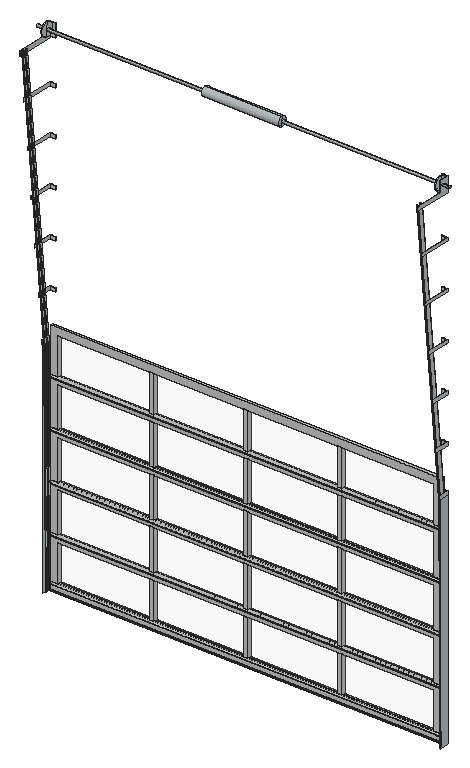
Revit family "Door_SectionalOverhead_RW_Alumatite-VerticalLift", category Doors, host Wall, Revit 2026
Family settings
  Host = Wall
  Classification Number = 23.30.10.17.37.14
  Always vertical = Yes
  Cut with Voids When Loaded = No
  Shared = No
  Room Calculation Point = No
Parameters (values of type "ByType")
  Wind Load = ""
  Water Penetration = ""
  Standard Top [instance] = not(Solid Top Panel)  # yes
  Standard Bottom [instance] = not(Solid Bottom Panel)  # yes
  Spring Width = Width + 1' 0"  # 16' - 0"
  Spring Length = 3' - 0"
  Spring Ht [instance] = (Height * 2) + 1' 3"  # 19' - 7"
  Sound Transmission Class (STC) = 0
  Solid Top Panel [instance] = no
  Solid Bottom Panel [instance] = no
  Shaft Diameter = 0' - 1"
  Revision = "R1_12-2011"
  RO Offset = 0' - 0"
  Panels = if(Height < 8' 2", 4, if(Height < 10' 2", 5, if(Height < 12' 2", 6, if(Height < 14' 2", 7, 8))))  # 5
  Panel Material - Interior = Metal - Steel - Richards Wilcox - Painted - Silver - Ribbed
  Panel Material - Exterior = Metal - Steel - Richards Wilcox - Painted - Silver - Multi-Rib
  Panel Height = Height / Panels  # 1' - 10"
  Hardware Finish = Metal - Steel - Richards Wilcox - Galvanized
  Glass Thickness [instance] = 0' - 0 1/2"
  Function = Interior
  Frame Thickness = 0' - 4 3/4"
  Double End Roller Brackets [instance] = no
  Door Glazing = Glazing - Richards Wilcox - Clear
  Define Thermal Properties by = Schematic Type
  CE Compliant = no
  Building Code Conformance = ""
  ArrayPanels [instance] = Panels - 2  # 3
  Analytic Construction = "<None>"
  Aluminum Material = Metal - Aluminum - Richards Wilcox - Anodized - Clear
  Air Infiltration = ""
  ASTM Conformance = ""
  Panel Width = Width + 0' 2"  # 15' - 2"
  Manufacturer Phone = "905-625-0037 "
  Warranty Duration (Years) = 0
  URL = "http://www.rwdoors.com/"
  Thickness = 0' - 1 1/2"
  Test Data = ""
  Specification = "http://www.arcat.com/sd/clients/richwilc.html?coid=43101"
  SpecWizard = "http://www.arcat.com/specwizard/clients/richwilc.html?coid=43101"
  Send Message = "http://www.arcat.com/users.pl?action=UserEmail&company=Richards-Wilcox%20Canada&coid=43101&rep=119&fax=905-625-0057&mf="
  Sales Information = "http://www.rwdoors.com/residential/en/contact.php"
  Rough Width = (Width + (RO Offset * 2))  # 15' - 0"
  Rough Height = (Height + (RO Offset))  # 9' - 2"
  R_Value = 0
  Product Properties = ""
  Product Data = "http://www.arcat.com/arcatcos/cos43/arc43101.html"
  Manufacturer Website = "http://www.rwdoors.com/"
  Manufacturer Phone - Toll Free = ""
  Manufacturer Fax = "905-625-0057"
  Manufacturer Address = "5100 Timberlea Blvd. Mississauga, ON Canada L4W 2S5\r\n"
  Maintenance Schedule (Months) = 0
  Installation-Fabrication = "http://www.rwdoors.com/"
  Installation Phase = ""
  Green Building-LEED = "http://www.arcat.com/green/clients/leed_data_43101.html"
  Model = "As Specified"
  Manufacturer = "Richards-Wilcox Canada"
  Keynote = "08360"
  Height = 9' - 2"
  Wall Closure = By host
  Width = 15' - 0"
  Fire Rating = ""
  Expected Lifespan (Years) = 0
  Drawn By = "Sumex Design, Inc. / Robert S. Weygant, CSI, CDT, SCIP"
  Description = "Richards-Wilcox Overhead Door as Specified"
  Copyright = "©Arcat Inc."
  Construction Details = "http://www.arcat.com/details/richwilc/richwilc.html?coid=43101"
  Building Codes = ""
  Assembly Code = "B2030410"
  ADA Compliant = yes
  AAMA Designation = ""
  3in Track [instance] = no
Reference planes (in)
  plane 1 "Center (Front/Back)": y = -33.96225
  plane 2 "Center (Left/Right)": x = 64.28704
  plane 3: z = 0
  plane 4 "Right": x = 154.28704
  plane 5 "Left": x = -25.71296
  plane 6: z = 0
  plane 7 "Top of Frame": z = 110
  plane 8 "RO Top": z = 110
  plane 9 "RO Right": x = 154.28704
  plane 10 "RO Left": x = -25.71296
  plane 11 "Exterior Wall Face": y = -30.96225
  plane 12 "Interior Wall Face": y = -36.96225
  plane 13: y = -37.08725
  plane 14: z = 23
  plane 15: z = 45
  plane 16: z = 1
  plane 17: y = -39.96225
Forms (in)
  Extrusion 1, solid, material "Rubber - Richards Wilcox - Black"
    sketch origin (-25.71296, 0, 0) x (0, 0, 1) y (0, 1, 0)
      loop
        arc (0.625, -37.21225) -> (0, -37.83725) -> (0.625, -38.46225) r 0.625
        line (0.625, -38.46225) -> (1, -38.46225) -> (1, -37.21225) -> (0.625, -37.21225)
    from 1 to -181
Lines and regions (in)
  Opening 1
    outline origin (-109.33485, -36.96225, 0) x (1, 0, 0) y (0, 0, 1)
      loop
        line (83.62189, 0) -> (263.62189, 0) -> (263.62189, 110) -> (83.62189, 110) -> (83.62189, 0)
Text (in)
  text "Exterior" at (50.54558, 62.1328, 0), in view "A101 - Plan View"
  text "Interior" at (50.54558, -116.72319, 0), in view "A101 - Plan View"
  text "Exterior" at (0, -17.98638, 123.01588), in view "Right"
  text "Interior" at (0, -64.39139, 123.01588), in view "Right"
  text "Interior" at (0, -52.09468, 121.14095), in view "Left"
  text "Exterior" at (0, 26.35325, 123.00693), in view "Left"
Dimensions and locks (in)
  equal spacing: plane 4 "Right", plane 2 "Center (Left/Right)", plane 5 "Left"
  "Width": plane 5 "Left" to plane 4 "Right"
  "Height": level to plane 7 "Top of Frame"
  "RO Offset": plane 5 "Left" to plane 10 "RO Left"
  "RO Offset": plane 9 "RO Right" to plane 4 "Right"
  "RO Offset": plane 8 "RO Top" to plane 7 "Top of Frame"
  locked: plane 13 to plane 12 "Interior Wall Face" at 0.125
  "Panel Height": plane 16 to plane 14
  "Panel Height": plane 14 to plane 15
  locked: level to plane 16 at 1
  locked: plane 4 "Right" to Extrusion 1 at 1
  locked: plane 12 "Interior Wall Face" to plane 17 at 3
  "Spring Ht": level to nested 5
  equal spacing: group 3, group 2, group 1
  equal spacing: group 1, group 2, group 3  (x2)
  "Height": plane 16 to nested 2
  "Height": plane 16 to nested 10
  aligned and locked: host wall to plane 1 "Center (Front/Back)"
  aligned and locked: Opening 1 sketch curve to level
  aligned and locked: plane 9 "RO Right" to Opening 1 sketch curve
  aligned and locked: plane 10 "RO Left" to Opening 1 sketch curve
  aligned and locked: Opening 1 sketch curve to plane 8 "RO Top"
  aligned and locked: host wall to plane 11 "Exterior Wall Face"
  aligned and locked: host wall to plane 12 "Interior Wall Face"
  aligned and locked: plane 2 "Center (Left/Right)" to nested 1
  aligned and locked: nested 1 to plane 13
  aligned and locked: plane 16 to nested 1
  aligned and locked: plane 2 "Center (Left/Right)" to nested 2
  aligned and locked: plane 13 to nested 2
  aligned and locked: nested 4 to plane 4 "Right"
  aligned and locked: nested 3 to plane 5 "Left"
  aligned and locked: nested 3 to plane 12 "Interior Wall Face"
  aligned and locked: nested 4 to plane 12 "Interior Wall Face"
  aligned and locked: plane 2 "Center (Left/Right)" to nested 5
  aligned and locked: plane 2 "Center (Left/Right)" to nested 6
  aligned and locked: plane 2 "Center (Left/Right)" to nested 7
  aligned and locked: plane 14 to nested 6
  aligned and locked: plane 15 to nested 7
  aligned and locked: plane 16 to nested 9
  aligned and locked: plane 2 "Center (Left/Right)" to nested 9
  aligned and locked: nested 9 to plane 13
  aligned and locked: plane 2 "Center (Left/Right)" to nested 10
  aligned and locked: plane 13 to nested 10
  aligned and locked: plane 13 to nested 6
  aligned and locked: plane 13 to nested 7
Automatic sketch dimensions
  Extrusion 1 sketch curve to plane 16 = 0' - 0"
  Extrusion 1 sketch curve to Extrusion 1 sketch curve = 0' - 0 3/8"
  Extrusion 1 sketch curve to plane 13 = 0' - 0 1/8"
  Extrusion 1 sketch curve to Extrusion 1 sketch curve = 0' - 0 5/8"
Nested families (in)
  nested 1: "Panel_FullView" at (64.28704, -37.83725, 1), Glass Type <- "Door Glazing", Unit Width <- "Panel Width", Unit Height <- "Panel Height", Unit Depth <- "Thickness", Glass Thickness <- "Glass Thickness", Double End Roller Brackets <- "Double End Roller Brackets", visible <- "Standard Bottom", type "Panel_FullView"
    with offset 0' - 0", Unit Width 15' - 2", Unit Height 1' - 10", Unit Depth 0' - 1 1/2", Top Panel no, Stile Width_Sides 0' - 3 3/8", Spc 3' - 7 13/16", SingleMullion no, Rail Width_Top 0' - 1 5/8", Rail Width_Bottom 0' - 3 3/8", MultiMullion yes, Muls Actual 3, Mullion Height 1' - 5", Glass Type Glazing - Richards Wilcox - Clear, Glass Thickness 0' - 0 1/2", Double End Roller Brackets no, Bottom Panel yes, # Mullions 3
  nested 2: "Panel_FullView" at (64.28704, -37.83725, 89), Glass Type <- "Door Glazing", Unit Width <- "Panel Width", Unit Height <- "Panel Height", Unit Depth <- "Thickness", Glass Thickness <- "Glass Thickness", Double End Roller Brackets <- "Double End Roller Brackets", visible <- "Standard Top", type "Panel_FullView"
    with offset 0' - 0", Unit Width 15' - 2", Unit Height 1' - 10", Unit Depth 0' - 1 1/2", Top Panel yes, Stile Width_Sides 0' - 3 3/8", Spc 3' - 7 13/16", SingleMullion no, Rail Width_Top 0' - 3 3/8", Rail Width_Bottom 0' - 1 5/8", MultiMullion yes, Muls Actual 3, Mullion Height 1' - 5", Glass Type Glazing - Richards Wilcox - Clear, Glass Thickness 0' - 0 1/2", Double End Roller Brackets no, Bottom Panel no, # Mullions 3
  nested 3: "Track_Vertical" at (-25.71296, -36.96225, 0), 3in Track <- "3in Track", Material <- "Hardware Finish", Unit Height <- "Height", type "Track_Vertical"
    with offset 0' - 0", Vert Height 10' - 2", VOffset 1' - 0.82272", Unit Height 9' - 2", Track Depth 0' - 2", Material Metal - Steel - Richards Wilcox - Galvanized, A 0' - 1 1/2", 3in Track no
  nested 4: "Track_Vertical" at (154.28704, -36.96225, 0) x (-1, 0, 0) z (0, 0, 1), 3in Track <- "3in Track", Material <- "Hardware Finish", Unit Height <- "Height", type "Track_Vertical"
    with offset 0' - 0", Vert Height 10' - 2", VOffset 1' - 0.82272", Unit Height 9' - 2", Track Depth 0' - 2", Material Metal - Steel - Richards Wilcox - Galvanized, A 0' - 1 1/2", 3in Track no
  nested 5: "Spring" at (64.28704, -39.96225, 235) x (1, 0, 0) z (0, -1, 0), Material <- "Hardware Finish", Unit Width <- "Spring Width", Spring Length <- "Spring Length", type "Spring"
    with offset 0' - 0", Unit Width 16' - 0", Spring Length 3' - 0", Material Metal - Steel - Richards Wilcox - Galvanized
  nested 6: "Panel_FullView" at (64.28704, -37.83725, 23), Glass Type <- "Door Glazing", Unit Width <- "Panel Width", Unit Height <- "Panel Height", Unit Depth <- "Thickness", Glass Thickness <- "Glass Thickness", Double End Roller Brackets <- "Double End Roller Brackets", type "Panel_FullView"
    with offset 0' - 0", Unit Width 15' - 2", Unit Height 1' - 10", Unit Depth 0' - 1 1/2", Top Panel no, Stile Width_Sides 0' - 3 3/8", Spc 3' - 7 13/16", SingleMullion no, Rail Width_Top 0' - 1 5/8", Rail Width_Bottom 0' - 1 5/8", MultiMullion yes, Muls Actual 3, Mullion Height 1' - 6 3/4", Glass Type Glazing - Richards Wilcox - Clear, Glass Thickness 0' - 0 1/2", Double End Roller Brackets no, Bottom Panel no, # Mullions 3
  nested 7: "Panel_FullView" at (64.28704, -37.83725, 45), Glass Type <- "Door Glazing", Unit Width <- "Panel Width", Unit Height <- "Panel Height", Unit Depth <- "Thickness", Glass Thickness <- "Glass Thickness", Double End Roller Brackets <- "Double End Roller Brackets", type "Panel_FullView"
    with offset 0' - 0", Unit Width 15' - 2", Unit Height 1' - 10", Unit Depth 0' - 1 1/2", Top Panel no, Stile Width_Sides 0' - 3 3/8", Spc 3' - 7 13/16", SingleMullion no, Rail Width_Top 0' - 1 5/8", Rail Width_Bottom 0' - 1 5/8", MultiMullion yes, Muls Actual 3, Mullion Height 1' - 6 3/4", Glass Type Glazing - Richards Wilcox - Clear, Glass Thickness 0' - 0 1/2", Double End Roller Brackets no, Bottom Panel no, # Mullions 3
  nested 8: "Panel_FullView" at (64.28704, -37.83725, 67), Glass Type <- "Door Glazing", Unit Width <- "Panel Width", Unit Height <- "Panel Height", Unit Depth <- "Thickness", Glass Thickness <- "Glass Thickness", Double End Roller Brackets <- "Double End Roller Brackets", type "Panel_FullView"
    with offset 0' - 0", Unit Width 15' - 2", Unit Height 1' - 10", Unit Depth 0' - 1 1/2", Top Panel no, Stile Width_Sides 0' - 3 3/8", Spc 3' - 7 13/16", SingleMullion no, Rail Width_Top 0' - 1 5/8", Rail Width_Bottom 0' - 1 5/8", MultiMullion yes, Muls Actual 3, Mullion Height 1' - 6 3/4", Glass Type Glazing - Richards Wilcox - Clear, Glass Thickness 0' - 0 1/2", Double End Roller Brackets no, Bottom Panel no, # Mullions 3
  nested 9: "Panel_Standard" at (64.28704, -37.83725, 1), Glass Type <- "Door Glazing", Unit Width <- "Panel Width", Unit Height <- "Panel Height", Unit Depth <- "Thickness", Glass Thickness <- "Glass Thickness", visible <- "Solid Bottom Panel", type "No Windows"
    with Void Space 3' - 9 1/2", Void CL 1' - 10 3/4", Unit Width 15' - 2", Unit Height 1' - 10", Unit Depth 0' - 1 1/2", Glass Type Glazing - Richards Wilcox - Clear, Glass Thickness 0' - 0 1/2", # Windows 4, Window Width 1' - 0", Window Height 0' - 8", Windows no, VoidDepth 0' - 0 1/2"
  nested 10: "Panel_Standard" at (64.28704, -37.83725, 89), Glass Type <- "Door Glazing", Unit Width <- "Panel Width", Unit Height <- "Panel Height", Unit Depth <- "Thickness", Glass Thickness <- "Glass Thickness", visible <- "Solid Top Panel", type "No Windows"
    with Void Space 3' - 9 1/2", Void CL 1' - 10 3/4", Unit Width 15' - 2", Unit Height 1' - 10", Unit Depth 0' - 1 1/2", Glass Type Glazing - Richards Wilcox - Clear, Glass Thickness 0' - 0 1/2", # Windows 4, Window Width 1' - 0", Window Height 0' - 8", Windows no, VoidDepth 0' - 0 1/2"
Definition of nested family "Panel_FullView"
  Parameters
    offset [instance] = 0' - 0"
    Top Panel [instance] = no
    Spc [instance] = (Unit Width - (Stile Width_Sides * 2)) / (# Mullions + 1)  # 4' - 1 5/16"
    SingleMullion [instance] = # Mullions = 1  # no
    Rail Width_Top [instance] = if(Top Panel, 0' 3 3/8", 0' 1 5/8")  # 0' - 1 5/8"
    Stile Width_Sides [instance] = if(Double End Roller Brackets, 0' 6 3/8", 0' 3 3/8")  # 0' - 3 3/8"
    Rail Width_Bottom [instance] = if(Bottom Panel, 0' 3 3/8", 0' 1 5/8")  # 0' - 1 5/8"
    MultiMullion [instance] = # Mullions > 1  # yes
    Muls Actual [instance] = if(# Mullions > 1, # Mullions, 2)  # 3
    Mullion Width = 0' - 2"
    Mullion Height [instance] = Unit Height - Rail Width_Top - Rail Width_Bottom  # 1' - 8 3/4"
    Glass Thickness [instance] = 0' - 0 1/2"
    Double End Roller Brackets [instance] = no
    Bottom Panel [instance] = no
    # Mullions [instance] = if(Unit Width < 9' 3", 1, if(Unit Width < 12' 3", 2, 3))  # 3
    Warranty Duration (Years) = 0
    Unit Width [instance] = 17' - 0"
    Unit Height [instance] = 2' - 0"
    Unit Depth [instance] = 0' - 1 1/2"
    URL = "http://www.rwdoors.com/"
    Specification = "http://www.arcat.com/sd/clients/richwilc.html?coid=43101"
    SpecWizard = "http://www.arcat.com/specwizard/clients/richwilc.html?coid=43101"
    Send Message = "http://www.arcat.com/users.pl?action=UserEmail&company=Richards-Wilcox%20Canada&coid=43101&rep=119&fax=905-625-0057&mf="
    Sales Information = "http://www.rwdoors.com/residential/en/contact.php"
    Revision = "R1_12-2011"
    Product Properties = ""
    Product Data = "http://www.arcat.com/arcatcos/cos43/arc43101.html"
    Model = "As Specified"
    Manufacturer Website = "http://www.rwdoors.com/"
    Manufacturer Phone - Toll Free = ""
    Manufacturer Phone = "905-625-0037 "
    Manufacturer Fax = "905-625-0057"
    Manufacturer Address = "5100 Timberlea Blvd. Mississauga, ON Canada L4W 2S5"
    Manufacturer = "Richards-Wilcox Canada"
    Maintenance Schedule (Months) = 0
    Keynote = "08360"
    Installation-Fabrication = "http://www.rwdoors.com/"
    Installation Phase = ""
    Green Building-LEED = "http://www.arcat.com/green/clients/leed_data_43101.html"
    Glass Type [instance] = none
    Frame Material = none
    Expected Lifespan (Years) = 0
    Drawn By = "Sumex Design, Inc. / Robert S. Weygant, CSI, CDT, SCIP"
    Description = "Richards-Wilcox Overhead Door as Specified"
    Copyright = "©Arcat Inc."
    Construction Details = "http://www.arcat.com/details/richwilc/richwilc.html?coid=43101"
    Assembly Code = "B2030410"
  Reference planes (in)
    plane 1 "Center (Front/Back)": y = 0
    plane 2 "Bottom": z = 0
    plane 3 "Center (Left/Right)": x = 0
    plane 4 "Front": y = -0.75
    plane 5 "Back": y = 0.75
    plane 6 "Left": x = -102
    plane 7 "Right": x = 102
    plane 8 "Top": z = 24
    plane 9: z = 12
    plane 10: z = 22.375
    plane 11: z = 1.625
    plane 12: x = -98.625
    plane 13: x = 98.625
    plane 14: y = -0.25
    plane 15: y = 0.25
  Forms (in)
    Extrusion 1, solid, material <- "Frame Material"
      sketch origin (-11.94222, 0.75, 48) x (-1, 0, 0) y (0, 0, 1)
        loop
          line (90.05778, -24) -> (-113.94222, -24) -> (-113.94222, -48) -> (90.05778, -48) -> (90.05778, -24)
        loop
          line (-110.56722, -46.375) -> (86.68278, -46.375) -> (86.68278, -25.625) -> (-110.56722, -25.625) -> (-110.56722, -46.375)
      from 0 to -1.5
    Extrusion 2, solid, material <- "Glass Type"
      sketch origin (0, 0.25, 21.375) x (0, 0, -1) y (-1, 0, 0)
        loop
          line (-1, 98.625) -> (-1, -98.625) -> (19.75, -98.625) -> (19.75, 98.625) -> (-1, 98.625)
      from -0.5 to 0
    Extrusion 3, solid, material <- "Frame Material"
      sketch origin (-102, 16.34522, 48) x (0, 1, 0) y (0, 0, 1)
        loop
          line (-17.09522, -46.375) -> (-18.84522, -46.375) -> (-18.84522, -46.48) -> (-17.09522, -46.48) -> (-17.09522, -46.375)
      from 0 to 204
  Cuts and joins
    joined: Extrusion 1, Extrusion 3
  Dimensions and locks (in)
    equal spacing: plane 6 "Left", plane 3 "Center (Left/Right)", plane 7 "Right"
    "Unit Width": plane 6 "Left" to plane 7 "Right"
    equal spacing: plane 5 "Back", plane 1 "Center (Front/Back)", plane 4 "Front"
    "Unit Depth": plane 5 "Back" to plane 4 "Front"
    "Unit Height": plane 8 "Top" to level
    equal spacing: plane 8 "Top", plane 9, level
    "Stile Width_Sides": plane 7 "Right" to plane 13
    "Stile Width_Sides": plane 12 to plane 6 "Left"
    "Rail Width_Top": plane 8 "Top" to plane 10
    "Rail Width_Bottom": plane 11 to level
    equal spacing: group 1, group 3, group 2  (x3)
    "Spc": plane 12 to nested 1
    "Spc": nested 2 to plane 13
    equal spacing: plane 15, plane 1 "Center (Front/Back)", plane 14
    "Glass Thickness": plane 15 to plane 14
    aligned and locked: Extrusion 1 to plane 4 "Front"
    aligned and locked: plane 7 "Right" to Extrusion 3
    aligned and locked: plane 1 "Center (Front/Back)" to nested 1
    aligned and locked: plane 1 "Center (Front/Back)" to nested 2
    aligned and locked: plane 11 to nested 2
    aligned and locked: plane 11 to nested 1
    aligned and locked: Extrusion 2 to plane 14
    aligned and locked: plane 11 to nested 4
    aligned and locked: plane 3 "Center (Left/Right)" to nested 4
    aligned and locked: plane 1 "Center (Front/Back)" to nested 4
  Automatic sketch dimensions
    Extrusion 1 sketch curve to plane 7 "Right" = 0' - 0"
    Extrusion 1 sketch curve to plane 10 = 0' - 0"
    Extrusion 1 sketch curve to plane 13 = 0' - 0"
    Extrusion 1 sketch curve to plane 11 = 0' - 0"
    Extrusion 1 sketch curve to plane 12 = 0' - 0"
    Extrusion 1 sketch curve to plane 6 "Left" = 0' - 0"
    Extrusion 1 sketch curve to level = 0' - 0"
    Extrusion 1 sketch curve to plane 8 "Top" = 0' - 0"
    Extrusion 3 sketch curve to plane 11 = 0' - 0"
    Extrusion 3 sketch curve to plane 4 "Front" = 0' - 0"
    Extrusion 3 sketch curve to plane 11 = 0' - 0.105"
    Extrusion 3 sketch curve to plane 4 "Front" = 0' - 1 3/4"
    Extrusion 2 sketch curve to plane 10 = 0' - 0"
    Extrusion 2 sketch curve to plane 11 = 0' - 0"
    Extrusion 2 sketch curve to plane 13 = 0' - 0"
    Extrusion 2 sketch curve to plane 12 = 0' - 0"
  Nested families (in)
    nested 1: "Mullion" at (-49.3125, 0, 1.625), Material <- "Frame Material", Unit Width <- "Mullion Width", Unit Height <- "Mullion Height", Unit Depth <- "Unit Depth", visible <- "MultiMullion", type "Mullion"
      with offset 0' - 0", Unit Width 0' - 2", Unit Height 1' - 8 3/4", Unit Depth 0' - 1 1/2", Material none
    nested 2: "Mullion" at (49.3125, 0, 1.625), Material <- "Frame Material", Unit Width <- "Mullion Width", Unit Height <- "Mullion Height", Unit Depth <- "Unit Depth", visible <- "MultiMullion", type "Mullion"
      with offset 0' - 0", Unit Width 0' - 2", Unit Height 1' - 8 3/4", Unit Depth 0' - 1 1/2", Material none
    nested 3: "Mullion" at (0, 0, 1.625), Material <- "Frame Material", Unit Width <- "Mullion Width", Unit Height <- "Mullion Height", Unit Depth <- "Unit Depth", visible <- "MultiMullion", type "Mullion"
      with offset 0' - 0", Unit Width 0' - 2", Unit Height 1' - 8 3/4", Unit Depth 0' - 1 1/2", Material none
    nested 4: "Mullion" at (0, 0, 1.625), Material <- "Frame Material", Unit Width <- "Mullion Width", Unit Height <- "Mullion Height", Unit Depth <- "Unit Depth", visible <- "SingleMullion", type "Mullion"
      with offset 0' - 0", Unit Width 0' - 2", Unit Height 1' - 8 3/4", Unit Depth 0' - 1 1/2", Material none
  Definition of nested family "Mullion"
    Parameters
      offset [instance] = 0' - 0"
      Warranty Duration (Years) = 0
      Unit Width [instance] = 0' - 2"
      Unit Height [instance] = 2' - 0"
      Unit Depth [instance] = 0' - 1 1/2"
      URL = "http://www.rwdoors.com/"
      Specification = "http://www.arcat.com/sd/clients/richwilc.html?coid=43101"
      SpecWizard = "http://www.arcat.com/specwizard/clients/richwilc.html?coid=43101"
      Send Message = "http://www.arcat.com/users.pl?action=UserEmail&company=Richards-Wilcox%20Canada&coid=43101&rep=119&fax=905-625-0057&mf="
      Sales Information = "http://www.rwdoors.com/residential/en/contact.php"
      Revision = "R1_12-2011"
      Product Properties = ""
      Product Data = "http://www.arcat.com/arcatcos/cos43/arc43101.html"
      Model = "As Specified"
      Material [instance] = none
      Manufacturer Website = "http://www.rwdoors.com/"
      Manufacturer Phone - Toll Free = ""
      Manufacturer Phone = "905-625-0037 "
      Manufacturer Fax = "905-625-0057"
      Manufacturer Address = "5100 Timberlea Blvd. Mississauga, ON Canada L4W 2S5"
      Manufacturer = "Richards-Wilcox Canada"
      Maintenance Schedule (Months) = 0
      Keynote = "08360"
      Installation-Fabrication = "http://www.rwdoors.com/"
      Installation Phase = ""
      Green Building-LEED = "http://www.arcat.com/green/clients/leed_data_43101.html"
      Expected Lifespan (Years) = 0
      Drawn By = "Sumex Design, Inc. / Robert S. Weygant, CSI, CDT, SCIP"
      Description = "Richards-Wilcox Overhead Door as Specified"
      Default Elevation = 4' - 0"
      Copyright = "©Arcat Inc."
      Construction Details = "http://www.arcat.com/details/richwilc/richwilc.html?coid=43101"
      Assembly Code = "B2030410"
    Reference planes (in)
      plane 1 "Center (Front/Back)": y = 0
      plane 2 "Bottom": z = 0
      plane 3 "Center (Left/Right)": x = 0
      plane 4 "Front": y = -0.75
      plane 5 "Back": y = 0.75
      plane 6 "Left": x = -1
      plane 7 "Right": x = 1
      plane 8 "Top": z = 24
    Forms (in)
      Extrusion 1, solid, material <- "Material"
        sketch origin (0, 0, 0) x (1, 0, 0) y (0, 1, 0)
          loop
            line (-1, 0.75) -> (-1, -0.75) -> (1, -0.75) -> (1, 0.75) -> (-1, 0.75)
        from 0 to 24
    Dimensions and locks (in)
      equal spacing: plane 6 "Left", plane 3 "Center (Left/Right)", plane 7 "Right"
      "Unit Width": plane 6 "Left" to plane 7 "Right"
      equal spacing: plane 5 "Back", plane 1 "Center (Front/Back)", plane 4 "Front"
      "Unit Depth": plane 5 "Back" to plane 4 "Front"
      "Unit Height": plane 8 "Top" to level
      aligned and locked: plane 8 "Top" to Extrusion 1
    Automatic sketch dimensions
      Extrusion 1 sketch curve to plane 4 "Front" = 0' - 0"
      Extrusion 1 sketch curve to plane 6 "Left" = 0' - 0"
      Extrusion 1 sketch curve to plane 7 "Right" = 0' - 0"
      Extrusion 1 sketch curve to plane 5 "Back" = 0' - 0"
Definition of nested family "Track_Vertical"
  Parameters
    offset [instance] = 0' - 0"
    Warranty Duration (Years) = 0
    VOffset [instance] = Vert Height / tan(84.00°)  # 0' - 11.35126"
    Unit Height [instance] = 8' - 0"
    Unit Depth = 2' - 8"
    URL = "http://www.rwdoors.com/"
    Track Depth [instance] = if([3in Track], 0' 3", 0' 2")  # 0' - 2"
    Specification = "http://www.arcat.com/sd/clients/richwilc.html?coid=43101"
    SpecWizard = "http://www.arcat.com/specwizard/clients/richwilc.html?coid=43101"
    Send Message = "http://www.arcat.com/users.pl?action=UserEmail&company=Richards-Wilcox%20Canada&coid=43101&rep=119&fax=905-625-0057&mf="
    Sales Information = "http://www.rwdoors.com/residential/en/contact.php"
    Revision = "R1_12-2011"
    Product Properties = ""
    Product Data = "http://www.arcat.com/arcatcos/cos43/arc43101.html"
    Model = "As Specified"
    Material [instance] = none
    Manufacturer Website = "http://www.rwdoors.com/"
    Manufacturer Phone - Toll Free = ""
    Manufacturer Phone = "905-625-0037 "
    Manufacturer Fax = "905-625-0057"
    Manufacturer Address = "5100 Timberlea Blvd. Mississauga, ON Canada L4W 2S5"
    Manufacturer = "Richards-Wilcox Canada"
    Maintenance Schedule (Months) = 0
    Keynote = "08360"
    Installation-Fabrication = "http://www.rwdoors.com/"
    Installation Phase = ""
    Vert Height [instance] = Unit Height + 1' 0"  # 9' - 0"
    Green Building-LEED = "http://www.arcat.com/green/clients/leed_data_43101.html"
    Expected Lifespan (Years) = 0
    Drawn By = "Sumex Design, Inc. / Robert S. Weygant, CSI, CDT, SCIP"
    Description = "Richards-Wilcox Overhead Door as Specified"
    Copyright = "©Arcat Inc."
    Construction Details = "http://www.arcat.com/details/richwilc/richwilc.html?coid=43101"
    Assembly Code = "B2030410"
    A [instance] = if([3in Track], 0' 2", 0' 1 1/2")  # 0' - 1 1/2"
    3in Track [instance] = no
  Reference planes (in)
    plane 1 "Center (Front/Back)": y = 0
    plane 2 "Bottom": z = 0
    plane 3 "Center (Left/Right)": x = 0
    plane 4 "Front": y = -1.25
    plane 5 "Left": x = -2.5
    plane 6 "Top": z = 96
    plane 7: x = -1
    plane 8: y = -4.125
    plane 9: z = 90
    plane 10: z = 204
    plane 11: y = -2.125
    plane 12: y = -13.47626
    plane 13: z = 109
    plane 14: z = 147
    plane 15: z = 166
    plane 16: z = 185
    plane 17: z = 128
    plane 18: y = -11.58438
    plane 19: y = -7.80063
    plane 20: y = -9.6925
    plane 21: y = -5.90875
    plane 22: y = -4.01688
  Forms (in)
    Extrusion 1, solid, material <- "Material"
      sketch origin (0, 0, 0) x (1, 0, 0) y (0, 1, 0)
        loop
          line (0, 0) -> (-2.625, 0) -> (-2.625, -4.125) -> (-2.5, -4.125) -> (-2.5, -0.125) -> (0, -0.125) -> (0, 0)
      from 0 to 90
    Sweep 2, solid, material <- "Material"
      path origin (-2.5, 16.34522, 48) x (0, 1, 0) y (0, 0, 1)
        loop
          line (-17.59522, -48) -> (-18.47022, 42) -> (-29.82148, 156)
      profile "P_Track : P_Track" origin (-2.5, -1.6875, 45) x (0, -0.999953, -0.009722) y (1, 0, 0)
        loop
          arc (1.76293, 0.15319) -> (2, 0.48863) -> (1.76293, 0.82407) r 0.35585
          line (1.76293, 0.82407) -> (1.65236, 0.86323) -> (1.63109, 0.80315) -> (1.74166, 0.76399)
          arc (1.74166, 0.76399) -> (1.93627, 0.48863) -> (1.74166, 0.21327) r 0.29212
          line (1.74166, 0.21327) -> (1.41842, 0.06373) -> (0.06373, 0.06373) -> (0.06373, 0.86041) -> (0, 0.86041) -> (0, 0) -> (1.41842, 0) -> (1.76293, 0.15319)
    Extrusion 3, solid, material <- "Material"
      sketch origin (-16.65552, -180, 204) x (-1, 0, 0) y (0, -1, 0)
        loop
          line (-16.65552, -180) -> (-14.03052, -180) -> (-14.03052, -175.875) -> (-14.15552, -175.875) -> (-14.15552, -179.875) -> (-16.65552, -179.875) -> (-16.65552, -180)
      from -1.41096 to 5
    Sweep 4, solid, material <- "Material"
      path origin (-2.5, 16.34522, 48) x (0, 1, 0) y (0, 0, 1)
        loop
          line (-16.47022, 156) -> (-32.32148, 156)
      profile origin (-2.5, -8.05063, 204) x (0, 0, -1) y (1, 0, 0)
        loop
          line (0, 0) -> (0, -0.125) -> (2, -0.125) -> (2, 0) -> (0, 0)
    Extrusion 5, solid, material <- "Material"
      sketch origin (-14.80658, -180, 90) x (-1, 0, 0) y (0, -1, 0)
        loop
          line (-12.30658, -179.875) -> (-14.80658, -179.875) -> (-14.80658, -180) -> (-12.18158, -180) -> (-12.18158, -175.375) -> (-12.30658, -175.375) -> (-12.30658, -179.875)
      from 0 to 1.5
    Extrusion 6, solid, material <- "Material"
      sketch origin (0, 6.15666, 109) x (0, 1, 0) y (-1, 0, 0)
        loop
          line (-6.28166, 2.5) -> (-6.28166, 0) -> (-6.15666, 0) -> (-6.15666, 2.625) -> (-12.67353, 2.625) -> (-12.67353, 2.5) -> (-6.28166, 2.5)
      from 0.75 to -0.75
    Extrusion 7, solid, material <- "Material"
      sketch origin (0, 4.49519, 128) x (0, 1, 0) y (-1, 0, 0)
        loop
          line (-4.62019, 2.5) -> (-4.62019, 0) -> (-4.49519, 0) -> (-4.49519, 2.625) -> (-12.90394, 2.625) -> (-12.90394, 2.5) -> (-4.62019, 2.5)
      from 0.75 to -0.75
    Extrusion 8, solid, material <- "Material"
      sketch origin (0, 14.9624, 147) x (0, 1, 0) y (-1, 0, 0)
        loop
          line (-15.0874, 2.5) -> (-15.0874, 0) -> (-14.9624, 0) -> (-14.9624, 2.625) -> (-25.26303, 2.625) -> (-25.26303, 2.5) -> (-15.0874, 2.5)
      from 0.75 to -0.75
    Extrusion 9, solid, material <- "Material"
      sketch origin (0, 18.45147, 166) x (0, 1, 0) y (-1, 0, 0)
        loop
          line (-18.57647, 2.5) -> (-18.57647, 0) -> (-18.45147, 0) -> (-18.45147, 2.625) -> (-30.64398, 2.625) -> (-30.64398, 2.5) -> (-18.57647, 2.5)
      from 0.75 to -0.75
    Extrusion 10, solid, material <- "Material"
      sketch origin (0, 14.9624, 185) x (0, 1, 0) y (-1, 0, 0)
        loop
          line (-15.0874, 2.5) -> (-15.0874, 0) -> (-14.9624, 0) -> (-14.9624, 2.625) -> (-29.04678, 2.625) -> (-29.04678, 2.5) -> (-15.0874, 2.5)
      from 0.75 to -0.75
  Cuts and joins
    joined: Extrusion 3, Sweep 4
  Dimensions and locks (in)
    locked: plane 1 "Center (Front/Back)" to plane 4 "Front" at 1.25
    locked: plane 7 to plane 3 "Center (Left/Right)" at 1
    "A": plane 5 "Left" to plane 7
    locked: plane 8 to plane 1 "Center (Front/Back)" at 4.125
    "Unit Height": plane 6 "Top" to level
    locked: plane 6 "Top" to plane 9 at 6
    "Vert Height": plane 10 to plane 6 "Top"
    "VOffset": plane 11 to plane 12
    locked: plane 11 to plane 8 at 2
    locked: Extrusion 3 to plane 10 at 5
    locked: plane 11 to Extrusion 5 sketch curve at 2.5
    plane 11 to plane 12 = 0' - 11.35126"
    equal spacing: plane 10, plane 16, plane 15, plane 14, plane 17, plane 13, plane 9
    equal spacing: plane 11, plane 22, plane 21, plane 19, plane 20, plane 18, plane 12
    locked: plane 22 to Extrusion 6 sketch curve at 2.5
    locked: Extrusion 7 sketch curve to plane 21 at 2.5
    locked: Extrusion 8 sketch curve to plane 19 at 2.5
    locked: Extrusion 9 sketch curve to plane 20 at 2.5
    locked: Extrusion 10 sketch curve to plane 18 at 2.5
    aligned and locked: plane 9 to Extrusion 1
  Automatic sketch dimensions
    Extrusion 1 sketch curve to plane 8 = 0' - 0"
    Extrusion 1 sketch curve to plane 5 "Left" = 0' - 0"
    Extrusion 1 sketch curve to plane 3 "Center (Left/Right)" = 0' - 0"
    Extrusion 1 sketch curve to plane 1 "Center (Front/Back)" = 0' - 0"
    Extrusion 1 sketch curve to plane 5 "Left" = 0' - 0 1/8"
    Extrusion 1 sketch curve to Extrusion 1 sketch curve = 0' - 0 1/8"
    Sweep 4 sketch curve to profile plane = 0' - 0"
    Sweep 4 sketch curve to plane 5 "Left" = 0' - 0"
    Sweep 4 sketch curve to profile plane = 0' - 2"
    Sweep 4 sketch curve to Sweep 4 sketch curve = 0' - 0 1/8"
    Extrusion 5 sketch curve to plane 3 "Center (Left/Right)" = 0' - 0"
    Extrusion 5 sketch curve to plane 5 "Left" = 0' - 0"
    Extrusion 5 sketch curve to plane 1 "Center (Front/Back)" = 0' - 0"
    Extrusion 5 sketch curve to plane 5 "Left" = 0' - 0 1/8"
    plane 1 "Center (Front/Back)" to Extrusion 5 sketch curve = 0' - 0 1/8"
    Extrusion 6 sketch curve to plane 5 "Left" = 0' - 0"
    Extrusion 6 sketch curve to plane 3 "Center (Left/Right)" = 0' - 0"
    Extrusion 6 sketch curve to plane 1 "Center (Front/Back)" = 0' - 0"
    plane 1 "Center (Front/Back)" to Extrusion 6 sketch curve = 0' - 0 1/8"
    Extrusion 6 sketch curve to plane 5 "Left" = 0' - 0 1/8"
    Sweep 4 sketch curve to plane 10 = 0' - 0"
    plane 1 "Center (Front/Back)" to Sweep 4 sketch curve = 0' - 0 1/8"
    plane 12 to Sweep 4 sketch curve = 0' - 2 1/2"
    Sweep 2 sketch curve to level = 0' - 0"
    Sweep 2 sketch curve to plane 4 "Front" = 0' - 0"
    Sweep 2 sketch curve to plane 9 = 0' - 0"
    Sweep 2 sketch curve to plane 11 = 0' - 0"
    Sweep 2 sketch curve to plane 10 = 0' - 0"
    Sweep 2 sketch curve to plane 12 = 0' - 0"
    Extrusion 3 sketch curve to plane 1 "Center (Front/Back)" = 0' - 0"
    Extrusion 3 sketch curve to plane 3 "Center (Left/Right)" = 0' - 0"
    Extrusion 3 sketch curve to plane 5 "Left" = 0' - 0"
    Extrusion 3 sketch curve to plane 8 = 0' - 0"
    Extrusion 3 sketch curve to plane 5 "Left" = 0' - 0 1/8"
    plane 1 "Center (Front/Back)" to Extrusion 3 sketch curve = 0' - 0 1/8"
    Extrusion 7 sketch curve to plane 5 "Left" = 0' - 0"
    Extrusion 7 sketch curve to plane 3 "Center (Left/Right)" = 0' - 0"
    Extrusion 7 sketch curve to plane 1 "Center (Front/Back)" = 0' - 0"
    plane 1 "Center (Front/Back)" to Extrusion 7 sketch curve = 0' - 0 1/8"
    Extrusion 7 sketch curve to plane 5 "Left" = 0' - 0 1/8"
    Extrusion 8 sketch curve to plane 5 "Left" = 0' - 0"
    Extrusion 8 sketch curve to plane 3 "Center (Left/Right)" = 0' - 0"
    Extrusion 8 sketch curve to plane 1 "Center (Front/Back)" = 0' - 0"
    plane 1 "Center (Front/Back)" to Extrusion 8 sketch curve = 0' - 0 1/8"
    Extrusion 8 sketch curve to plane 5 "Left" = 0' - 0 1/8"
    Extrusion 9 sketch curve to plane 5 "Left" = 0' - 0"
    Extrusion 9 sketch curve to plane 3 "Center (Left/Right)" = 0' - 0"
    Extrusion 9 sketch curve to plane 1 "Center (Front/Back)" = 0' - 0"
    plane 1 "Center (Front/Back)" to Extrusion 9 sketch curve = 0' - 0 1/8"
    Extrusion 9 sketch curve to plane 5 "Left" = 0' - 0 1/8"
    Extrusion 10 sketch curve to plane 5 "Left" = 0' - 0"
    Extrusion 10 sketch curve to plane 3 "Center (Left/Right)" = 0' - 0"
    Extrusion 10 sketch curve to plane 1 "Center (Front/Back)" = 0' - 0"
    plane 1 "Center (Front/Back)" to Extrusion 10 sketch curve = 0' - 0 1/8"
    Extrusion 10 sketch curve to plane 5 "Left" = 0' - 0 1/8"
Definition of nested family "Spring"
  Parameters
    offset [instance] = 0' - 0"
    Warranty Duration (Years) = 0
    Unit Width [instance] = 10' - 0"
    Unit Height = 0' - 6"
    Unit Depth = Unit Height  # 0' - 6"
    URL = "http://www.rwdoors.com/"
    Spring Length [instance] = 3' - 0"
    Specification = "http://www.arcat.com/sd/clients/richwilc.html?coid=43101"
    SpecWizard = "http://www.arcat.com/specwizard/clients/richwilc.html?coid=43101"
    Shaft Diameter = 0' - 1"
    Send Message = "http://www.arcat.com/users.pl?action=UserEmail&company=Richards-Wilcox%20Canada&coid=43101&rep=119&fax=905-625-0057&mf="
    Sales Information = "http://www.rwdoors.com/residential/en/contact.php"
    Revision = "R1_12-2011"
    Rad = Shaft Diameter / 2  # 0' - 0 1/2"
    Product Properties = ""
    Product Data = "http://www.arcat.com/arcatcos/cos43/arc43101.html"
    Model = "As Specified"
    Material [instance] = none
    Manufacturer Website = "http://www.rwdoors.com/"
    Manufacturer Phone - Toll Free = ""
    Manufacturer Phone = "905-625-0037 "
    Manufacturer Fax = "905-625-0057"
    Manufacturer Address = "5100 Timberlea Blvd. Mississauga, ON Canada L4W 2S5"
    Manufacturer = "Richards-Wilcox Canada"
    Maintenance Schedule (Months) = 0
    Keynote = "08360"
    Installation-Fabrication = "http://www.rwdoors.com/"
    Installation Phase = ""
    Green Building-LEED = "http://www.arcat.com/green/clients/leed_data_43101.html"
    Expected Lifespan (Years) = 0
    Drawn By = "Sumex Design, Inc. / Robert S. Weygant, CSI, CDT, SCIP"
    Description = "Richards-Wilcox Overhead Door as Specified"
    Default Elevation = 4' - 0"
    Copyright = "©Arcat Inc."
    Construction Details = "http://www.arcat.com/details/richwilc/richwilc.html?coid=43101"
    Assembly Code = "B2030410"
  Reference planes (in)
    plane 1 "Center (Front/Back)": y = 0
    plane 2 "Bottom": z = 0
    plane 3 "Center (Left/Right)": x = 0
    plane 4 "Front": y = -3
    plane 5 "Back": y = 3
    plane 6 "Left": x = -60
    plane 7 "Right": x = 60
    plane 8 "Top": z = 6
    plane 9: x = -56
    plane 10: x = 56
    plane 11: x = -18
    plane 12: x = 18
    plane 13: y = -0.5
  Forms (in)
    Revolve 1, solid, material <- "Material"
      sketch origin (0, 0, 0) x (1, 0, 0) y (0, 1, 0)
        loop
          line (-60, 0) -> (-60, -0.5) -> (-56, -0.5) -> (-56, -3) -> (-55.5, -3) -> (-55.5, -0.5) -> (-18, -0.5) -> (-18, -2) -> (18, -2) -> (18, -0.5) -> (55.5, -0.5) -> (55.5, -3) -> (56, -3) -> (56, -0.5) -> (60, -0.5) -> (60, 0) -> (-60, 0)
        axis (-60, 0) -> (60, 0)
      angle from 0 to 360
  Dimensions and locks (in)
    equal spacing: plane 6 "Left", plane 3 "Center (Left/Right)", plane 7 "Right"
    "Unit Width": plane 6 "Left" to plane 7 "Right"
    equal spacing: plane 5 "Back", plane 1 "Center (Front/Back)", plane 4 "Front"
    "Unit Height": plane 5 "Back" to plane 4 "Front"
    "Unit Depth": plane 8 "Top" to level
    locked: plane 10 to plane 7 "Right" at 4
    locked: plane 6 "Left" to plane 9 at 4
    equal spacing: plane 11, plane 3 "Center (Left/Right)", plane 12
    "Spring Length": plane 11 to plane 12
    "Rad": plane 13 to plane 1 "Center (Front/Back)"
  Automatic sketch dimensions
    Revolve 1 sketch curve to plane 1 "Center (Front/Back)" = 0' - 0"  (x2)
    Revolve 1 sketch curve to plane 6 "Left" = 0' - 0"
    Revolve 1 sketch curve to plane 9 = 0' - 0"
    Revolve 1 sketch curve to plane 4 "Front" = 0' - 0"  (x2)
    Revolve 1 sketch curve to plane 13 = 0' - 0"  (x4)
    Revolve 1 sketch curve to plane 11 = 0' - 0"
    Revolve 1 sketch curve to plane 12 = 0' - 0"
    Revolve 1 sketch curve to plane 10 = 0' - 0"
    Revolve 1 sketch curve to plane 7 "Right" = 0' - 0"
    Revolve 1 sketch curve to Revolve 1 sketch curve = 0' - 5"
    plane 9 to Revolve 1 sketch curve = 0' - 0 1/2"
    Revolve 1 sketch curve to plane 10 = 0' - 0 1/2"
    plane 7 "Right" to Revolve 1 sketch curve = 0' - 5"
    plane 4 "Front" to Revolve 1 sketch curve = 0' - 1"
Definition of nested family "Panel_Standard"
  Parameters
    offset = 0' - 0"
    Panel Material - Interior = none
    Panel Material - Exterior = none
    Glass Thickness [instance] = 0' - 0 1/2"
    # Windows [instance] = if(Unit Width < 9' 3", 2, if(Unit Width < 12' 3", 3, if(Unit Width < 16' 3", 4, if(Unit Width < 19' 3", 5, if(Unit Width < 24' 3", 6, 7)))))  # 4
    Window Width = 2' - 10"
    Window Height = 1' - 4"
    Windows = yes
    Warranty Duration (Years) = 0
    VoidDepth = if(Windows, 0' 4", 0' 0 1/2")  # 0' - 4"
    Void Space [instance] = Unit Width / # Windows  # 3' - 9"
    Void CL [instance] = Void Space / 2  # 1' - 10 1/2"
    Unit Width [instance] = 15' - 0"
    Unit Height [instance] = 2' - 0"
    Unit Depth [instance] = 0' - 1 1/2"
    URL = "http://www.rwdoors.com/"
    Specification = "http://www.arcat.com/sd/clients/richwilc.html?coid=43101"
    SpecWizard = "http://www.arcat.com/specwizard/clients/richwilc.html?coid=43101"
    Send Message = "http://www.arcat.com/users.pl?action=UserEmail&company=Richards-Wilcox%20Canada&coid=43101&rep=119&fax=905-625-0057&mf="
    Sales Information = "http://www.rwdoors.com/residential/en/contact.php"
    Revision = "R1_12-2011"
    Radius Corner Windows = no
    Product Properties = ""
    Product Data = "http://www.arcat.com/arcatcos/cos43/arc43101.html"
    Model = "As Specified"
    Manufacturer Website = "http://www.rwdoors.com/"
    Manufacturer Phone - Toll Free = ""
    Manufacturer Phone = "905-625-0037 "
    Manufacturer Fax = "905-625-0057"
    Manufacturer Address = "5100 Timberlea Blvd. Mississauga, ON Canada L4W 2S5"
    Manufacturer = "Richards-Wilcox Canada"
    Maintenance Schedule (Months) = 0
    Keynote = "08360"
    Installation-Fabrication = "http://www.rwdoors.com/"
    Installation Phase = ""
    Green Building-LEED = "http://www.arcat.com/green/clients/leed_data_43101.html"
    Glass Type [instance] = none
    Frame Material = none
    Expected Lifespan (Years) = 0
    Drawn By = "Sumex Design, Inc. / Robert S. Weygant, CSI, CDT, SCIP"
    Description = "Richards-Wilcox Overhead Door as Specified"
    Copyright = "©Arcat Inc."
    Construction Details = "http://www.arcat.com/details/richwilc/richwilc.html?coid=43101"
    Assembly Code = "B2030410"
  Reference planes (in)
    plane 1 "Center (Front/Back)": y = 0
    plane 2 "Bottom": z = 0
    plane 3 "Center (Left/Right)": x = 0
    plane 4 "Front": y = -0.75
    plane 5 "Back": y = 0.75
    plane 6 "Left": x = -90
    plane 7 "Right": x = 90
    plane 8 "Top": z = 24
    plane 9: y = -1.75
    plane 10: x = -67.5
    plane 11: x = -22.5
    plane 12: x = 22.5
    plane 13: x = 67.5
    plane 14: x = 112.5
    plane 15: x = 157.5
    plane 16: x = 202.5
    plane 17: z = 12
    plane 18: y = 2.25
  Forms (in)
    Extrusion 1, void
      sketch origin (-32.01201, -1.75, 48) x (1, 0, 0) y (0, 0, 1)
        loop
          line (-52.48799, -28) -> (-52.48799, -44) -> (-18.48799, -44) -> (-18.48799, -28) -> (-52.48799, -28)
      from 0 to -4
    Extrusion 2, void
      sketch origin (-32.01201, -1.75, 48) x (1, 0, 0) y (0, 0, 1)
        loop
          line (-7.48799, -28) -> (-7.48799, -44) -> (26.51201, -44) -> (26.51201, -28) -> (-7.48799, -28)
      from 0 to -4
    Extrusion 3, void
      sketch origin (-32.01201, -1.75, 48) x (1, 0, 0) y (0, 0, 1)
        loop
          line (37.51201, -28) -> (37.51201, -44) -> (71.51201, -44) -> (71.51201, -28) -> (37.51201, -28)
      from 0 to -4
    Extrusion 4, void
      sketch origin (-32.01201, -1.75, 48) x (1, 0, 0) y (0, 0, 1)
        loop
          line (82.51201, -28) -> (82.51201, -44) -> (116.51201, -44) -> (116.51201, -28) -> (82.51201, -28)
      from 0 to -4
    Extrusion 5, void
      sketch origin (-32.01201, -1.75, 48) x (1, 0, 0) y (0, 0, 1)
        loop
          line (127.51201, -28) -> (127.51201, -44) -> (161.51201, -44) -> (161.51201, -28) -> (127.51201, -28)
      from 0 to -4
    Extrusion 6, void
      sketch origin (-32.01201, -1.75, 48) x (1, 0, 0) y (0, 0, 1)
        loop
          line (172.51201, -28) -> (172.51201, -44) -> (206.51201, -44) -> (206.51201, -28) -> (172.51201, -28)
      from 0 to -4
    Extrusion 7, void
      sketch origin (-32.01201, -1.75, 48) x (1, 0, 0) y (0, 0, 1)
        loop
          line (217.51201, -28) -> (217.51201, -44) -> (251.51201, -44) -> (251.51201, -28) -> (217.51201, -28)
      from 0 to -4
    Extrusion 8, solid, material <- "Panel Material - Interior"
      sketch origin (-90, 16.34522, 48) x (0, 1, 0) y (0, 0, 1)
        loop
          line (-16.34522, -24) -> (-16.97022, -24) -> (-17.09522, -24.125) -> (-17.09522, -47.875) -> (-16.97022, -48) -> (-16.34522, -48) -> (-16.34522, -24)
      from 0 to 180
    Extrusion 9, solid, material <- "Panel Material - Exterior"
      sketch origin (-90, 16.34522, 48) x (0, 1, 0) y (0, 0, 1)
        loop
          line (-15.72022, -24) -> (-16.34522, -24) -> (-16.34522, -48) -> (-15.72022, -48) -> (-15.59522, -47.875) -> (-15.59522, -24.125) -> (-15.72022, -24)
      from 0 to 180
  Cuts and joins
    Extrusion 1, Extrusion 2, Extrusion 3, Extrusion 4, Extrusion 5, Extrusion 6, Extrusion 7 cuts Extrusion 8
    Extrusion 1, Extrusion 2, Extrusion 3, Extrusion 4, Extrusion 5, Extrusion 6, Extrusion 7 cuts Extrusion 9
  Dimensions and locks (in)
    equal spacing: plane 6 "Left", plane 3 "Center (Left/Right)", plane 7 "Right"
    "Unit Width": plane 6 "Left" to plane 7 "Right"
    equal spacing: plane 5 "Back", plane 1 "Center (Front/Back)", plane 4 "Front"
    "Unit Depth": plane 5 "Back" to plane 4 "Front"
    "Unit Height": plane 8 "Top" to level
    locked: plane 4 "Front" to plane 9 at 1
    "Void CL": plane 10 to plane 6 "Left"
    "Void Space": plane 11 to plane 10
    "Void Space": plane 12 to plane 11
    "Void Space": plane 13 to plane 12
    "Void Space": plane 14 to plane 13
    "Void Space": plane 15 to plane 14
    "Void Space": plane 16 to plane 15
    equal spacing: plane 8 "Top", plane 17, level
    equal spacing: Extrusion 1 sketch curve, plane 10, Extrusion 1 sketch curve
    "Window Width": Extrusion 1 sketch curve to Extrusion 1 sketch curve
    equal spacing: Extrusion 1 sketch curve, plane 17, Extrusion 1 sketch curve
    "Window Height": Extrusion 1 sketch curve to Extrusion 1 sketch curve
    equal spacing: Extrusion 2 sketch curve, plane 11, Extrusion 2 sketch curve
    "Window Width": Extrusion 2 sketch curve to Extrusion 2 sketch curve
    equal spacing: Extrusion 2 sketch curve, plane 17, Extrusion 2 sketch curve
    "Window Height": Extrusion 2 sketch curve to Extrusion 2 sketch curve
    equal spacing: Extrusion 3 sketch curve, plane 12, Extrusion 3 sketch curve
    "Window Width": Extrusion 3 sketch curve to Extrusion 3 sketch curve
    equal spacing: Extrusion 3 sketch curve, plane 17, Extrusion 3 sketch curve
    "Window Height": Extrusion 3 sketch curve to Extrusion 3 sketch curve
    equal spacing: Extrusion 4 sketch curve, plane 13, Extrusion 4 sketch curve
    "Window Width": Extrusion 4 sketch curve to Extrusion 4 sketch curve
    equal spacing: Extrusion 4 sketch curve, plane 17, Extrusion 4 sketch curve
    "Window Height": Extrusion 4 sketch curve to Extrusion 4 sketch curve
    equal spacing: Extrusion 5 sketch curve, plane 14, Extrusion 5 sketch curve
    "Window Width": Extrusion 5 sketch curve to Extrusion 5 sketch curve
    equal spacing: Extrusion 5 sketch curve, plane 17, Extrusion 5 sketch curve
    "Window Height": Extrusion 5 sketch curve to Extrusion 5 sketch curve
    equal spacing: Extrusion 6 sketch curve, plane 15, Extrusion 6 sketch curve
    equal spacing: Extrusion 6 sketch curve, plane 17, Extrusion 6 sketch curve
    "Window Height": Extrusion 6 sketch curve to Extrusion 6 sketch curve
    "Window Width": Extrusion 6 sketch curve to Extrusion 6 sketch curve
    equal spacing: Extrusion 7 sketch curve, plane 16, Extrusion 7 sketch curve
    "Window Width": Extrusion 7 sketch curve to Extrusion 7 sketch curve
    equal spacing: Extrusion 7 sketch curve, plane 17, Extrusion 7 sketch curve
    "Window Height": Extrusion 7 sketch curve to Extrusion 7 sketch curve
    "VoidDepth": plane 18 to plane 9
    equal spacing: group 1, group 2, group 3, group 4  (x3)
    aligned and locked: plane 18 to Extrusion 1
    aligned and locked: plane 18 to Extrusion 2
    aligned and locked: plane 18 to Extrusion 3
    aligned and locked: plane 18 to Extrusion 4
    aligned and locked: Extrusion 5 to plane 18
    aligned and locked: Extrusion 6 to plane 18
    aligned and locked: Extrusion 7 to plane 18
    aligned and locked: nested 1 to plane 17
    aligned and locked: plane 10 to nested 1
    aligned and locked: plane 11 to nested 2
    aligned and locked: nested 2 to plane 17
    aligned and locked: plane 7 "Right" to Extrusion 8
    aligned and locked: plane 7 "Right" to Extrusion 9
  Automatic sketch dimensions
    Extrusion 8 sketch curve to plane 4 "Front" = 0' - 0"
    Extrusion 8 sketch curve to plane 1 "Center (Front/Back)" = 0' - 0"
    Extrusion 8 sketch curve to plane 8 "Top" = 0' - 0"
    plane 4 "Front" to Extrusion 8 sketch curve = 0' - 0 1/8"  (x2)
    level to Extrusion 8 sketch curve = 0' - 0 1/8"
    Extrusion 8 sketch curve to plane 8 "Top" = 0' - 0 1/8"
    Extrusion 8 sketch curve to level = 0' - 0"
    Extrusion 9 sketch curve to plane 8 "Top" = 0' - 0"
    Extrusion 9 sketch curve to plane 5 "Back" = 0' - 0"
    Extrusion 9 sketch curve to plane 5 "Back" = 0' - 0 1/8"  (x2)
    level to Extrusion 9 sketch curve = 0' - 0 1/8"
    Extrusion 9 sketch curve to plane 8 "Top" = 0' - 0 1/8"
    Extrusion 9 sketch curve to level = 0' - 0"
    Extrusion 9 sketch curve to plane 1 "Center (Front/Back)" = 0' - 0"
  Nested families (in)
    nested 1: "Window" at (-67.5, 0, 12) x (1, 0, 0) z (0, -1, 0), Glass Type <- "Glass Type", Frame Material <- "Frame Material", Unit Width <- "Window Width", Unit Height <- "Window Height", Unit Depth <- "Unit Depth", Radius Corners <- "Radius Corner Windows", visible <- "Windows", Glass Thickness <- "Glass Thickness", type "Window"
      with offset 0' - 0", Unit Width 2' - 10", Unit Height 1' - 4", Unit Depth 0' - 1 1/2", Standard Corner yes, Radius Corners no, Glass Type none, Glass Thickness 0' - 0 1/2", Frame Material none
    nested 2: "Window" at (-22.5, 0, 12) x (1, 0, 0) z (0, -1, 0), Glass Type <- "Glass Type", Frame Material <- "Frame Material", Unit Width <- "Window Width", Unit Height <- "Window Height", Unit Depth <- "Unit Depth", Radius Corners <- "Radius Corner Windows", visible <- "Windows", Glass Thickness <- "Glass Thickness", type "Window"
      with offset 0' - 0", Unit Width 2' - 10", Unit Height 1' - 4", Unit Depth 0' - 1 1/2", Standard Corner yes, Radius Corners no, Glass Type none, Glass Thickness 0' - 0 1/2", Frame Material none
    nested 3: "Window" at (22.5, 0, 12) x (1, 0, 0) z (0, -1, 0), Glass Type <- "Glass Type", Frame Material <- "Frame Material", Unit Width <- "Window Width", Unit Height <- "Window Height", Unit Depth <- "Unit Depth", Radius Corners <- "Radius Corner Windows", visible <- "Windows", Glass Thickness <- "Glass Thickness", type "Window"
      with offset 0' - 0", Unit Width 2' - 10", Unit Height 1' - 4", Unit Depth 0' - 1 1/2", Standard Corner yes, Radius Corners no, Glass Type none, Glass Thickness 0' - 0 1/2", Frame Material none
    nested 4: "Window" at (67.5, 0, 12) x (1, 0, 0) z (0, -1, 0), Glass Type <- "Glass Type", Frame Material <- "Frame Material", Unit Width <- "Window Width", Unit Height <- "Window Height", Unit Depth <- "Unit Depth", Radius Corners <- "Radius Corner Windows", visible <- "Windows", Glass Thickness <- "Glass Thickness", type "Window"
      with offset 0' - 0", Unit Width 2' - 10", Unit Height 1' - 4", Unit Depth 0' - 1 1/2", Standard Corner yes, Radius Corners no, Glass Type none, Glass Thickness 0' - 0 1/2", Frame Material none
  Definition of nested family "Window"
    Parameters
      offset [instance] = 0' - 0"
      Warranty Duration (Years) = 0
      Unit Width [instance] = 2' - 10"
      Unit Height [instance] = 1' - 4"
      Unit Depth [instance] = 0' - 1 3/8"
      URL = "http://www.rwdoors.com/"
      Standard Corner [instance] = not(Radius Corners)  # yes
      Specification = "http://www.arcat.com/sd/clients/richwilc.html?coid=43101"
      SpecWizard = "http://www.arcat.com/specwizard/clients/richwilc.html?coid=43101"
      Send Message = "http://www.arcat.com/users.pl?action=UserEmail&company=Richards-Wilcox%20Canada&coid=43101&rep=119&fax=905-625-0057&mf="
      Sales Information = "http://www.rwdoors.com/residential/en/contact.php"
      Revision = "R1_12-2011"
      Radius Corners [instance] = no
      Product Properties = ""
      Product Data = "http://www.arcat.com/arcatcos/cos43/arc43101.html"
      Model = "As Specified"
      Manufacturer Website = "http://www.rwdoors.com/"
      Manufacturer Phone - Toll Free = ""
      Manufacturer Phone = "905-625-0037 "
      Manufacturer Fax = "905-625-0057"
      Manufacturer Address = "5100 Timberlea Blvd. Mississauga, ON Canada L4W 2S5"
      Manufacturer = "Richards-Wilcox Canada"
      Maintenance Schedule (Months) = 0
      Keynote = "08360"
      Installation-Fabrication = "http://www.rwdoors.com/"
      Installation Phase = ""
      Green Building-LEED = "http://www.arcat.com/green/clients/leed_data_43101.html"
      Glass Type [instance] = none
      Glass Thickness [instance] = 0' - 0 1/2"
      Frame Material [instance] = none
      Expected Lifespan (Years) = 0
      Drawn By = "Sumex Design, Inc. / Robert S. Weygant, CSI, CDT, SCIP"
      Description = "Richards-Wilcox Overhead Door as Specified"
      Default Elevation = 4' - 0"
      Copyright = "©Arcat Inc."
      Construction Details = "http://www.arcat.com/details/richwilc/richwilc.html?coid=43101"
      Assembly Code = "B2030410"
    Reference planes (in)
      plane 1 "Center (Front/Back)": y = 0
      plane 2 "Bottom": z = 0
      plane 3 "Center (Left/Right)": x = 0
      plane 4 "Front": y = -8
      plane 5 "Back": y = 8
      plane 6 "Left": x = -17
      plane 7 "Right": x = 17
      plane 8 "Top": z = 0.6875
      plane 9: z = -0.6875
      plane 10: z = 0.25
      plane 11: z = -0.25
    Forms (in)
      Sweep 1, solid, material <- "Frame Material", visible <- "Standard Corner"
        path origin (0, 0, 0) x (1, 0, 0) y (0, 1, 0)
          loop
            line (-17, 8) -> (-17, -8) -> (17, -8) -> (17, 8) -> (-17, 8)
        profile origin (0, 8, 0) x (0, 1, 0) y (0, 0, 1)
          loop
            line (0, 0.6875) -> (1.5, 0.6875) -> (1.5, 0.9375) -> (-0.5, 0.9375) -> (-0.93945, 0.25) -> (-0.93945, -0.25) -> (-0.5, -0.9375) -> (1.5, -0.9375) -> (1.5, -0.6875) -> (0, -0.6875) -> (0, 0.6875)
      Extrusion 2, solid, material <- "Glass Type", visible <- "Standard Corner"
        sketch origin (0, 7.06055, -0.25) x (0, 1, 0) y (-1, 0, 0)
          loop
            line (0, 16.06055) -> (-14.12109, 16.06055) -> (-14.12109, -16.06055) -> (0, -16.06055) -> (0, 16.06055)
        from 0.5 to 0
      Sweep 3, solid, material <- "Frame Material", visible <- "Radius Corners"
        path origin (0, 0, 0) x (1, 0, 0) y (0, 1, 0)
          loop
            arc (-15, 8) -> (-16.41421, 7.41421) -> (-17, 6) r 2
            line (-17, 6) -> (-17, -6)
            arc (-17, -6) -> (-16.41421, -7.41421) -> (-15, -8) r 2
            line (-15, -8) -> (15, -8)
            arc (15, -8) -> (16.41421, -7.41421) -> (17, -6) r 2
            line (17, -6) -> (17, 6)
            arc (17, 6) -> (16.41421, 7.41421) -> (15, 8) r 2
            line (15, 8) -> (-15, 8)
        profile origin (0, 8, 0) x (0, 1, 0) y (0, 0, 1)
          loop
            line (0, 0.6875) -> (1.5, 0.6875) -> (1.5, 0.9375) -> (-0.5, 0.9375) -> (-0.93945, 0.25) -> (-0.93945, -0.25) -> (-0.5, -0.9375) -> (1.5, -0.9375) -> (1.5, -0.6875) -> (0, -0.6875) -> (0, 0.6875)
      Extrusion 4, solid, material <- "Glass Type", visible <- "Radius Corners"
        sketch origin (0, 7.06055, -0.25) x (0, 1, 0) y (-1, 0, 0)
          loop
            arc (0, 14.75195) -> (-0.38328, 15.67727) -> (-1.30859, 16.06055) r 1.30859
            line (-1.30859, 16.06055) -> (-12.8125, 16.06055)
            arc (-12.8125, 16.06055) -> (-13.73782, 15.67727) -> (-14.12109, 14.75195) r 1.30859
            line (-14.12109, 14.75195) -> (-14.12109, -14.75195)
            arc (-14.12109, -14.75195) -> (-13.73782, -15.67727) -> (-12.8125, -16.06055) r 1.30859
            line (-12.8125, -16.06055) -> (-1.30859, -16.06055)
            arc (-1.30859, -16.06055) -> (-0.38328, -15.67727) -> (0, -14.75195) r 1.30859
            line (0, -14.75195) -> (0, 14.75195)
        from 0.5 to 0
    Dimensions and locks (in)
      equal spacing: plane 6 "Left", plane 3 "Center (Left/Right)", plane 7 "Right"
      "Unit Width": plane 6 "Left" to plane 7 "Right"
      equal spacing: plane 5 "Back", plane 1 "Center (Front/Back)", plane 4 "Front"
      "Unit Height": plane 5 "Back" to plane 4 "Front"
      equal spacing: plane 8 "Top", level, plane 9
      "Unit Depth": plane 8 "Top" to plane 9
      locked: plane 9 to Sweep 1 sketch curve at 0.25
      locked: Sweep 1 sketch curve to plane 8 "Top" at 0.25
      locked: Sweep 3 sketch curve to plane 8 "Top" at 0.25
      locked: plane 9 to Sweep 3 sketch curve at 0.25
      equal spacing: plane 10, level, plane 11
      "Glass Thickness": plane 10 to plane 11
      aligned and locked: plane 8 "Top" to Sweep 1 sketch curve
      aligned and locked: plane 9 to Sweep 1 sketch curve
      aligned and locked: plane 8 "Top" to Sweep 3 sketch curve
      aligned and locked: plane 9 to Sweep 3 sketch curve
      aligned and locked: plane 10 to Extrusion 4
      aligned and locked: plane 10 to Extrusion 2
    Automatic sketch dimensions
      Sweep 1 sketch curve to plane 4 "Front" = 0' - 0"
      Sweep 1 sketch curve to plane 6 "Left" = 0' - 0"
      Sweep 1 sketch curve to plane 7 "Right" = 0' - 0"
      Sweep 1 sketch curve to plane 5 "Back" = 0' - 0"
      Sweep 3 sketch curve to plane 6 "Left" = 0' - 0"
      Sweep 3 sketch curve to plane 5 "Back" = 0' - 0"
      Sweep 3 sketch curve to plane 4 "Front" = 0' - 0"
      Sweep 3 sketch curve to plane 7 "Right" = 0' - 0"
      plane 6 "Left" to Sweep 3 sketch curve = 0' - 2"
      Sweep 3 sketch curve to plane 5 "Back" = 0' - 2"
      plane 4 "Front" to Sweep 3 sketch curve = 0' - 2"
      Sweep 3 sketch curve to plane 7 "Right" = 0' - 2"
      Sweep 1 sketch curve to profile plane = 0' - 0"
      profile plane to Sweep 1 sketch curve = 0' - 0 1/2"  (x2)
      Sweep 1 sketch curve to Sweep 1 sketch curve = 0' - 0.43945"
      Sweep 1 sketch curve to profile plane = 0' - 1 1/2"  (x2)
      Sweep 1 sketch curve to level = 0' - 0 1/4"
      level to Sweep 1 sketch curve = 0' - 0 1/4"
      Sweep 3 sketch curve to profile plane = 0' - 0"
      profile plane to Sweep 3 sketch curve = 0' - 0 1/2"  (x2)
      Sweep 3 sketch curve to Sweep 3 sketch curve = 0' - 0.43945"
      Sweep 3 sketch curve to profile plane = 0' - 1 1/2"  (x2)
      Sweep 3 sketch curve to level = 0' - 0 1/4"
      level to Sweep 3 sketch curve = 0' - 0 1/4"
      plane 4 "Front" to Extrusion 2 sketch curve = 0' - 0.93945"
      Extrusion 2 sketch curve to plane 5 "Back" = 0' - 0.93945"
      Extrusion 2 sketch curve to plane 7 "Right" = 0' - 0.93945"
      plane 6 "Left" to Extrusion 2 sketch curve = 0' - 0.93945"
      plane 4 "Front" to Extrusion 4 sketch curve = 0' - 0.93945"
      plane 6 "Left" to Extrusion 4 sketch curve = 0' - 0.93945"
      Extrusion 4 sketch curve to Extrusion 4 sketch curve = 0' - 1 79/256"  (x2)
      Extrusion 4 sketch curve to plane 7 "Right" = 0' - 0.93945"
      Extrusion 4 sketch curve to plane 5 "Back" = 0' - 2.24805"  (x2)
      Extrusion 4 sketch curve to plane 5 "Back" = 0' - 0.93945"
